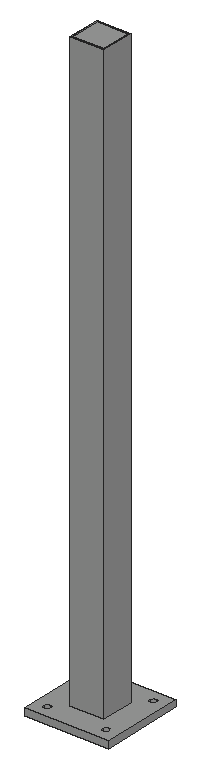
Revit family "ALTERNATING_ALUMINUM_PLANK_PANEL_POST", category Specialty Equipment, Revit 2024
Family settings
  Round Connector Dimension = Use Diameter
  Part Type = Normal
  OmniClass Number = 23.55.00.00
  OmniClass Title = Manufactured Structures
  Work Plane-Based = Yes
  Enable Cutting in Views = No
  Always vertical = No
  Cut with Voids When Loaded = No
  Maintain Annotation Orientation = No
  Shared = No
  Room Calculation Point = No
Parameters (values of type "Assembly")
  Warranty URL = "https://palmshieldlouvers.com/wp-content/uploads/2020/01/PalmSHIELD-Warranty-NO-SIGN-LINE.pdf"
  Version = "2020 - v1.0a"  # constant formula
  URL = "https://palmshieldlouvers.com/"
  Product Page URL = "https://palmshieldlouvers.com/products/mercury-eco-semi-private/"
  Product Documentation Link = "https://palmshieldlouvers.com/wp-content/uploads/2022/01/Mercury-Economic-Alternating-Semi-Private.pdf"
  Post Position [instance] = 1
  Model = "Mercury Economic - Alternating - Semi Private"  # constant formula
  Material = Metal - PalmSHIELD - Dusty Grey
  Manufacturer Phone Number = "531-329-4406 "  # constant formula
  Manufacturer Email = "mailto: info@palmshieldlouvers.com"
  Manufacturer Address = "12330 Cary Circle, La Vista, NE 68128"  # constant formula
  Manufacturer = "PalmSHIELD"  # constant formula
  Keynote = "05 10 00"
  Instruction Sheet Link = "https://palmshieldlouvers.com/wp-content/uploads/2021/09/PalmSHIELD-Mercury-Series-Post-Panel-Gate-Installation-Instructions-2.docx"
  ID [instance] = "Not Assigned"
  Height [instance] = if(Desired Overall Height < C Min Height, C Min Height, if(Desired Overall Height > C Max Height, C Max Height, Desired Overall Height))  # 6' - 0"
  Desired Overall Height [instance] = 6' - 0"
  Description = "Mercury Economic - Alternating - Semi Private - Square Post"  # constant formula
  Default Elevation = 0' - 0"
  Copyright = "Copyright ©2024 The American Fence Company and PalmSHIELD. All Rights Reserved."  # constant formula
  Component Vis [instance] = yes
  Component Name [instance] = "Mercury Economic - Alternating - Semi Private - Square Post"  # constant formula
  C Post Width = 0' - 4"  # constant formula
  C Min Height [instance] = 3' - 4"  # constant formula
  C Max Height [instance] = 6' - 0"  # constant formula
  Assembly Code = "F1020100"
Reference planes (in)
  plane 1 "Center (Front/Back)": y = 0
  plane 2: z = 0
  plane 3 "Center (Left/Right)": x = 0
  plane 4: z = 72
  plane 5: y = 2
  plane 6: y = -2
  plane 7: x = 2
  plane 8: x = -2
Lines and regions (in)
  reference lines
    curve 1: line (-24.29961, 0, 72) -> (24.70039, 0, 72)
Dimensions and locks (in)
  "Desired Overall Height": curve 1 to plane 2
  "Height": plane 4 to plane 2
  equal spacing: plane 8, plane 3 "Center (Left/Right)", plane 7
  equal spacing: plane 5, plane 1 "Center (Front/Back)", plane 6
  "C Post Width": plane 5 to plane 6
  "C Post Width": plane 8 to plane 7
  aligned and locked: plane 2 to level
Automatic sketch dimensions
  curve 1 to plane 8 = 1' - 10.29961"
  curve 1 to plane 7 = 1' - 10.70039"
Nested families (in)
  nested 1: "Screening-Louver-Assembly-Post-Palmshield-Mercury-Economic-Alternating-Semi_Private-Aluminum" at (0, 0, 0), Desired Overall Height <- "Desired Overall Height", Overall Height <- "Height", ID <- "ID", Component Vis <- "Component Vis", Post Position <- "Post Position", visible <- "Component Vis", type "Assembly"
    with Post Position 1, Overall Height 6' - 0", ID "Not Assigned", Desired Overall Height 6' - 0", Component Vis (Single) yes, Component Vis (Double) no, Component Vis yes, Component Name "Mercury Economic Alternating Semi Private - Post Assembly", C Post Offset 0' - 0"
  nested 2: "Nested-Base_Plate-Palmshield-Mercury_Economic" at (0, 0, 0), type "10" x 10" x 3/4""
    with Material Metal - PalmSHIELD - Dusty Grey, ID "Not Assigned", Component Vis yes, Component Name "Mercury Economic - Aluminum - Base Plate"
  nested 3: "Nested-Square_Post-Aluminum-Palmshield-Mercury_Economic" at (0, 0, 0.75), type "4" X 4" X 1/8" SQ. TUBE"
    with Material Metal - PalmSHIELD - Dusty Grey, Length 5' - 11 1/4", ID "Not Assigned", Component Vis yes, Component Name "Mercury Economic - Aluminum - Square Post"
  nested 4: "Nested-Top_Cap-Palmshield-Mercury_Economic" at (0, 0, 72) x (1, 0, 0) z (0, 0, -1), type "3 3/4" x 3 3/4" x 1/8""
    with Material Metal - PalmSHIELD - Dusty Grey, ID "Not Assigned", Component Vis yes, Component Name "Mercury Economic - Aluminum - Square Top Cap"
Definition of nested family "Nested-Base_Plate-Palmshield-Mercury_Economic"
  Parameters (values of type "10" x 14" x 3/4"")
    Width = if(Constraints = 1, 0' 10", 1' 2")  # 1' - 2"
    Warranty URL = "https://palmshieldlouvers.com/wp-content/uploads/2020/01/PalmSHIELD-Warranty-NO-SIGN-LINE.pdf"
    Version = "2020 - v1.0a"  # constant formula
    URL = "https://palmshieldlouvers.com/"
    Thickness = 0' - 0 3/4"  # constant formula
    Product Page URL = "Contact Manufacturer for More Information"
    Product Documentation Link = "Contact Manufacturer for More Information"
    Model = "Mercury Economic"  # constant formula
    Material [instance] = none
    Manufacturer Phone Number = "531-329-4406 "  # constant formula
    Manufacturer Fax Number = "Consult Manufacturer Website for More Information"  # constant formula
    Manufacturer Email = "mailto: info@palmshieldlouvers.com"
    Manufacturer Address = "12330 Cary Circle, La Vista, NE 68128"  # constant formula
    Manufacturer = "PalmSHIELD"  # constant formula
    Keynote = "05 10 00"
    Instruction Sheet Link = "Contact Manufacturer for More Information"
    ID [instance] = ""
    Hole Diameter = 0' - 0 3/4"  # constant formula
    Height = 0' - 10"  # constant formula
    Description = "Mercury Economic - Base Plate"  # constant formula
    Default Elevation = 4' - 0"
    Copyright = "Copyright ©2024 The American Fence Company and PalmSHIELD. All Rights Reserved."  # constant formula
    Constraints = 2
    Component Vis [instance] = yes
    Component Name [instance] = "Mercury Economic - Aluminum - Base Plate"  # constant formula
    C Hole Offset = 0' - 1 1/2"  # constant formula
    Assembly Code = "F1020100"
  Types (2): name | Width | Constraints
    10" x 10" x 3/4" | 0' - 10" | 1
    10" x 14" x 3/4" | 1' - 2" | 2
  Reference planes (in)
    plane 1 "Center (Front/Back)": y = 0
    plane 2: z = 0
    plane 3 "Center (Left/Right)": x = 0
    plane 4: y = 5
    plane 5: x = 7
    plane 6: y = -5
    plane 7: x = -7
    plane 8: z = 0.75
  Forms (in)
    Extrusion 1, solid
      sketch origin (0, 0, 0) x (1, 0, 0) y (0, 1, 0)
        loop
          line (-48, 48) -> (-48, -48) -> (48, -48) -> (48, 48) -> (-48, 48)
      from 0 to -12
    Extrusion 2, solid, material <- "Material", visible <- "Component Vis"
      sketch origin (0, 0, 0) x (1, 0, 0) y (0, 1, 0)
        loop
          line (-7, 5) -> (-7, -5) -> (7, -5) -> (7, 5) -> (-7, 5)
        loop
          circle (-5.5, 3.5) r 0.375
        loop
          circle (5.5, 3.5) r 0.375
        loop
          circle (-5.5, -3.5) r 0.375
        loop
          circle (5.5, -3.5) r 0.375
      from 0 to 0.75
  Dimensions and locks (in)
    equal spacing: plane 7, plane 3 "Center (Left/Right)", plane 5
    equal spacing: plane 4, plane 1 "Center (Front/Back)", plane 6
    "Width": plane 7 to plane 5
    "Height": plane 4 to plane 6
    "C Hole Offset": plane 7 to Extrusion 2 sketch curve  (x2)
    "C Hole Offset": Extrusion 2 sketch curve to plane 5  (x2)
    "C Hole Offset": plane 4 to Extrusion 2 sketch curve  (x2)
    "C Hole Offset": plane 6 to Extrusion 2 sketch curve  (x2)
    "Thickness": plane 8 to plane 2
    "Width": Extrusion 2 to Extrusion 2
    "Hole Diameter": diameter of Extrusion 2 sketch curve  (x4)
    aligned and locked: plane 2 to Extrusion 1
    aligned and locked: level to Extrusion 1
    aligned and locked: Extrusion 2 sketch curve to plane 4
    aligned and locked: plane 7 to Extrusion 2 sketch curve
    aligned and locked: Extrusion 2 sketch curve to plane 6
    aligned and locked: Extrusion 2 sketch curve to plane 5
    aligned and locked: plane 8 to Extrusion 2
  Automatic sketch dimensions
    Extrusion 1 sketch curve to Extrusion 1 sketch curve = 8' - 0"  (x2)
Definition of nested family "Nested-Square_Post-Aluminum-Palmshield-Mercury_Economic"
  Parameters (values of type "4" X 4" X 1/8" SQ. TUBE")
    Width = 0' - 4"  # constant formula
    Warranty URL = "https://palmshieldlouvers.com/wp-content/uploads/2020/01/PalmSHIELD-Warranty-NO-SIGN-LINE.pdf"
    Version = "2020 - v1.0a"  # constant formula
    URL = "https://palmshieldlouvers.com/"
    Thickness = 0' - 0 1/8"  # constant formula
    Product Page URL = "Contact Manufacturer for More Information"
    Product Documentation Link = "Contact Manufacturer for More Information"
    Model = "Mercury Economic"  # constant formula
    Material [instance] = none
    Manufacturer Phone Number = "531-329-4406 "  # constant formula
    Manufacturer Fax Number = "Consult Manufacturer Website for More Information"  # constant formula
    Manufacturer Email = "mailto: info@palmshieldlouvers.com"
    Manufacturer Address = "12330 Cary Circle, La Vista, NE 68128"  # constant formula
    Manufacturer = "PalmSHIELD"  # constant formula
    Length [instance] = 4' - 4.86713"
    Keynote = "05 10 00"
    Instruction Sheet Link = "Contact Manufacturer for More Information"
    ID [instance] = ""
    Description = "Mercury Economic - Post"  # constant formula
    Default Elevation = 4' - 0"
    Copyright = "Copyright ©2024 The American Fence Company and PalmSHIELD. All Rights Reserved."  # constant formula
    Component Vis [instance] = yes
    Component Name [instance] = "Mercury Economic - Aluminum - Square Post"  # constant formula
    Assembly Code = "F1020100"
  Reference planes (in)
    plane 1 "Center (Front/Back)": y = 0
    plane 2: z = 0
    plane 3 "Center (Left/Right)": x = 0
    plane 4: z = 52.86713
    plane 5: x = 2
    plane 6: x = -2
  Forms (in)
    Extrusion 1, solid
      sketch origin (0, 0, 0) x (1, 0, 0) y (0, 1, 0)
        loop
          line (-48, 48) -> (-48, -48) -> (48, -48) -> (48, 48) -> (-48, 48)
      from 0 to -12
    Sweep 2, solid, material <- "Material", visible <- "Component Vis"
      path origin (0, 0, 0) x (0, 1, 0) y (0, 0, 1)
        loop
          line (0, 0) -> (0, 52.86713)
      profile "Profile-Palmshield-Square : 4" X 4" X 1/8" SQ. TUBE" origin (0, 0, 26.43357) x (0, -1, 0) y (1, 0, 0)
        loop
          line (1.875, 1.875) -> (-1.875, 1.875) -> (-1.875, -1.875) -> (1.875, -1.875) -> (1.875, 1.875)
        loop
          line (-2, -2) -> (2, -2) -> (2, 2) -> (-2, 2) -> (-2, -2)
  Dimensions and locks (in)
    "Length": plane 4 to plane 2
    equal spacing: plane 5, plane 3 "Center (Left/Right)", plane 6
    "Width": plane 5 to plane 6
    aligned and locked: plane 2 to Extrusion 1
    aligned and locked: level to Extrusion 1
    aligned and locked: plane 1 "Center (Front/Back)" to Sweep 2 sketch curve
    aligned and locked: plane 4 to Sweep 2 sketch curve
  Automatic sketch dimensions
    Extrusion 1 sketch curve to Extrusion 1 sketch curve = 8' - 0"  (x2)
    Sweep 2 sketch curve to level = 0' - 0"
Definition of nested family "Nested-Top_Cap-Palmshield-Mercury_Economic"
  Parameters (values of type "3 3/4" x 3 3/4" x 1/8"")
    Width = 0' 4" - 2 * Thickness  # 0' - 3 3/4"
    Warranty URL = "https://palmshieldlouvers.com/wp-content/uploads/2020/01/PalmSHIELD-Warranty-NO-SIGN-LINE.pdf"
    Version = "2020 - v1.0a"  # constant formula
    URL = "https://palmshieldlouvers.com/"
    Thickness = 0' - 0 1/8"  # constant formula
    Product Page URL = "Contact Manufacturer for More Information"
    Product Documentation Link = "Contact Manufacturer for More Information"
    Model = "Mercury Economic"  # constant formula
    Material [instance] = none
    Manufacturer Phone Number = "531-329-4406 "  # constant formula
    Manufacturer Fax Number = "Consult Manufacturer Website for More Information"  # constant formula
    Manufacturer Email = "mailto: info@palmshieldlouvers.com"
    Manufacturer Address = "12330 Cary Circle, La Vista, NE 68128"  # constant formula
    Manufacturer = "PalmSHIELD"  # constant formula
    Keynote = "05 10 00"
    Instruction Sheet Link = "Contact Manufacturer for More Information"
    ID [instance] = ""
    Description = "Mercury Economic - Top Cap"  # constant formula
    Default Elevation = 4' - 0"
    Copyright = "Copyright ©2024 The American Fence Company and PalmSHIELD. All Rights Reserved."  # constant formula
    Component Vis [instance] = yes
    Component Name [instance] = "Mercury Economic - Aluminum - Square Top Cap"  # constant formula
    Assembly Code = "F1020100"
  Reference planes (in)
    plane 1 "Center (Front/Back)": y = 0
    plane 2: z = 0
    plane 3 "Center (Left/Right)": x = 0
    plane 4: y = 1.875
    plane 5: x = 1.875
    plane 6: y = -1.875
    plane 7: x = -1.875
    plane 8: z = 0.125
  Forms (in)
    Extrusion 1, solid
      sketch origin (0, 0, 0) x (1, 0, 0) y (0, 1, 0)
        loop
          line (-48, 48) -> (-48, -48) -> (48, -48) -> (48, 48) -> (-48, 48)
      from 0 to -12
    Extrusion 2, solid, material <- "Material", visible <- "Component Vis"
      sketch origin (0, 0, 0) x (1, 0, 0) y (0, 1, 0)
        loop
          line (-1.875, 1.875) -> (-1.875, -1.875) -> (1.875, -1.875) -> (1.875, 1.875) -> (-1.875, 1.875)
      from 0 to 0.125
  Dimensions and locks (in)
    equal spacing: plane 7, plane 3 "Center (Left/Right)", plane 5
    equal spacing: plane 4, plane 1 "Center (Front/Back)", plane 6
    "Width": plane 7 to plane 5
    "Width": plane 4 to plane 6
    "Thickness": plane 8 to plane 2
    aligned and locked: plane 2 to Extrusion 1
    aligned and locked: level to Extrusion 1
    aligned and locked: Extrusion 2 sketch curve to plane 4
    aligned and locked: plane 7 to Extrusion 2 sketch curve
    aligned and locked: Extrusion 2 sketch curve to plane 6
    aligned and locked: Extrusion 2 sketch curve to plane 5
    aligned and locked: plane 8 to Extrusion 2
  Automatic sketch dimensions
    Extrusion 1 sketch curve to Extrusion 1 sketch curve = 8' - 0"  (x2)
Definition of nested family "Screening-Louver-Assembly-Post-Palmshield-Mercury-Economic-Alternating-Semi_Private-Aluminum"
  Parameters (values of type "Assembly")
    Width = 0' - 4"  # constant formula
    Warranty URL = "https://palmshieldlouvers.com/wp-content/uploads/2020/01/PalmSHIELD-Warranty-NO-SIGN-LINE.pdf"
    Version = "2020 - v1.0a"  # constant formula
    URL = "https://palmshieldlouvers.com/"
    Top Cap Thickness = 0' - 0 1/8"  # constant formula
    Product Page URL = "https://palmshieldlouvers.com/products/louvers/"
    Product Documentation Link = "https://palmshieldlouvers.com/wp-content/uploads/2022/01/Mercury-Economic-Alternating-Semi-Private.pdf"
    Post Position [instance] = 3
    Overall Height [instance] = if(Desired Overall Height < 3' 0", 3' 0", if(Desired Overall Height > 12' 0", 12' 0", Desired Overall Height))  # 6' - 0"
    Model = "Mercury Economic Alternating Semi Private"  # constant formula
    Material = none
    Manufacturer Phone Number = "531-329-4406 "  # constant formula
    Manufacturer Fax Number = "Consult Manufacturer Website for More Information"  # constant formula
    Manufacturer Email = "mailto: info@palmshieldlouvers.com"
    Manufacturer Address = "12330 Cary Circle, La Vista, NE 68128"  # constant formula
    Manufacturer = "PalmSHIELD"  # constant formula
    Keynote = "05 10 00"
    Instruction Sheet Link = "https://palmshieldlouvers.com/wp-content/uploads/2021/09/PalmSHIELD-Mercury-Series-Post-Panel-Gate-Installation-Instructions-2.docx"
    ID [instance] = "Not Assigned"
    Desired Overall Height [instance] = 6' - 0"
    Description = "Mercury Economic Alternating Semi Private - Post Assembly"  # constant formula
    Default Elevation = 4' - 0"
    Copyright = "Copyright ©2024 The American Fence Company and PalmSHIELD. All Rights Reserved."  # constant formula
    Component Vis (Single) [instance] = and(Component Vis, or(Post Position = 1, Post Position = 3))  # yes
    Component Vis (Double) [instance] = and(Component Vis, Post Position = 2)  # no
    Component Vis [instance] = yes
    Component Name [instance] = "Mercury Economic Alternating Semi Private - Post Assembly"  # constant formula
    C Post Offset [instance] = if(Post Position = 3, 0' 2 1/2", 0' 0")  # 0' - 2 1/2"
    C Panel Offset from Ground = 0' - 2"  # constant formula
    Base Plate Thickness = 0' - 0 3/4"  # constant formula
    Assembly Code = "F1020100"
  Reference planes (in)
    plane 1 "Center (Front/Back)": y = 0
    plane 2: z = 0
    plane 3 "Center (Left/Right)": x = 0
    plane 4: x = 2
    plane 5: x = -2
    plane 6: z = 72
    plane 7: z = 2
  Forms (in)
    Extrusion 1, solid
      sketch origin (0, 0, 0) x (1, 0, 0) y (0, 1, 0)
        loop
          line (-48, 48) -> (-48, -48) -> (48, -48) -> (48, 48) -> (-48, 48)
      from 0 to -12
  Lines and regions (in)
    reference lines
      curve 1: line (-64.16684, 0, 72) -> (79.83316, 0, 72)
  Dimensions and locks (in)
    equal spacing: plane 4, plane 3 "Center (Left/Right)", plane 5
    "Width": plane 4 to plane 5
    "C Panel Offset from Ground": plane 7 to plane 2
    "C Post Offset": plane 3 "Center (Left/Right)" to nested 2
    "C Post Offset": plane 3 "Center (Left/Right)" to nested 3
    "Desired Overall Height": curve 1 to plane 2
    "Overall Height": plane 6 to plane 2
    aligned and locked: plane 2 to Extrusion 1
    aligned and locked: level to Extrusion 1
    aligned and locked: plane 1 "Center (Front/Back)" to nested 1
    aligned and locked: plane 1 "Center (Front/Back)" to nested 3
    aligned and locked: plane 6 to nested 2
    aligned and locked: plane 1 "Center (Front/Back)" to nested 4
    aligned and locked: plane 6 to nested 5
    aligned and locked: plane 6 to nested 6
    aligned and locked: plane 3 "Center (Left/Right)" to nested 5
    aligned and locked: nested 6 to plane 3 "Center (Left/Right)"
    aligned and locked: nested 7 to nested 5
    aligned and locked: plane 4 to nested 8
    aligned and locked: plane 3 "Center (Left/Right)" to nested 4
    aligned and locked: plane 3 "Center (Left/Right)" to nested 1
  Automatic sketch dimensions
    Extrusion 1 sketch curve to Extrusion 1 sketch curve = 8' - 0"  (x2)
    curve 1 to plane 5 = 5' - 2.16684"
    plane 4 to curve 1 = 6' - 5.83316"
  Nested families (in)
    nested 1: "Nested-Base_Plate-Palmshield-Mercury_Economic" at (0, 0, 0), ID <- "ID", Material <- "Material", visible <- "Component Vis (Single)", Component Vis <- "Component Vis (Single)", type "10" x 10" x 3/4""
      with Material none, ID "Not Assigned", Component Vis yes, Component Name "Mercury Economic - Aluminum - Base Plate"
    nested 2: "Nested-Square_Post-Aluminum-Palmshield-Mercury_Economic" at (2.5, 0, 0.75), ID <- "ID", Material <- "Material", visible <- "Component Vis (Single)", Component Vis <- "Component Vis (Single)", type "4" X 4" X 1/8" SQ. TUBE"
      with Material none, Length 5' - 11 1/4", ID "Not Assigned", Component Vis yes, Component Name "Mercury Economic - Aluminum - Square Post"
    nested 3: "Nested-Top_Cap-Palmshield-Mercury_Economic" at (2.5, 0, 72) x (1, 0, 0) z (0, 0, -1), ID <- "ID", Material <- "Material", visible <- "Component Vis (Single)", Component Vis <- "Component Vis (Single)", type "3 3/4" x 3 3/4" x 1/8""
      with Material none, ID "Not Assigned", Component Vis yes, Component Name "Mercury Economic - Aluminum - Square Top Cap"
    nested 4: "Nested-Base_Plate-Palmshield-Mercury_Economic" at (0, 0, 0), ID <- "ID", Material <- "Material", visible <- "Component Vis (Double)", Component Vis <- "Component Vis (Double)", type "10" x 14" x 3/4""
      with Material none, ID "Not Assigned", Component Vis no, Component Name "Mercury Economic - Aluminum - Base Plate"
    nested 5: "Nested-Square_Post-Aluminum-Palmshield-Mercury_Economic" at (-2, 0, 0.75), ID <- "ID", Material <- "Material", visible <- "Component Vis (Double)", Component Vis <- "Component Vis (Double)", type "4" X 4" X 1/8" SQ. TUBE"
      with Material none, Length 5' - 11 1/4", ID "Not Assigned", Component Vis no, Component Name "Mercury Economic - Aluminum - Square Post"
    nested 6: "Nested-Square_Post-Aluminum-Palmshield-Mercury_Economic" at (2, 0, 0.75), ID <- "ID", Material <- "Material", visible <- "Component Vis (Double)", Component Vis <- "Component Vis (Double)", type "4" X 4" X 1/8" SQ. TUBE"
      with Material none, Length 5' - 11 1/4", ID "Not Assigned", Component Vis no, Component Name "Mercury Economic - Aluminum - Square Post"
    nested 7: "Nested-Top_Cap-Palmshield-Mercury_Economic" at (-2, 0, 72) x (1, 0, 0) z (0, 0, -1), ID <- "ID", Material <- "Material", visible <- "Component Vis (Double)", Component Vis <- "Component Vis (Double)", type "3 3/4" x 3 3/4" x 1/8""
      with Material none, ID "Not Assigned", Component Vis no, Component Name "Mercury Economic - Aluminum - Square Top Cap"
    nested 8: "Nested-Top_Cap-Palmshield-Mercury_Economic" at (2, 0, 72) x (1, 0, 0) z (0, 0, -1), ID <- "ID", Material <- "Material", visible <- "Component Vis (Double)", Component Vis <- "Component Vis (Double)", type "3 3/4" x 3 3/4" x 1/8""
      with Material none, ID "Not Assigned", Component Vis no, Component Name "Mercury Economic - Aluminum - Square Top Cap"
  Definition of nested family "Nested-Base_Plate-Palmshield-Mercury_Economic"
    Parameters (values of type "10" x 14" x 3/4"")
      Width = if(Constraints = 1, 0' 10", 1' 2")  # 1' - 2"
      Warranty URL = "https://palmshieldlouvers.com/wp-content/uploads/2020/01/PalmSHIELD-Warranty-NO-SIGN-LINE.pdf"
      Version = "2020 - v1.0a"  # constant formula
      URL = "https://palmshieldlouvers.com/"
      Thickness = 0' - 0 3/4"  # constant formula
      Product Page URL = "Contact Manufacturer for More Information"
      Product Documentation Link = "Contact Manufacturer for More Information"
      Model = "Mercury Economic"  # constant formula
      Material [instance] = none
      Manufacturer Phone Number = "531-329-4406 "  # constant formula
      Manufacturer Fax Number = "Consult Manufacturer Website for More Information"  # constant formula
      Manufacturer Email = "mailto: info@palmshieldlouvers.com"
      Manufacturer Address = "12330 Cary Circle, La Vista, NE 68128"  # constant formula
      Manufacturer = "PalmSHIELD"  # constant formula
      Keynote = "05 10 00"
      Instruction Sheet Link = "Contact Manufacturer for More Information"
      ID [instance] = ""
      Hole Diameter = 0' - 0 3/4"  # constant formula
      Height = 0' - 10"  # constant formula
      Description = "Mercury Economic - Base Plate"  # constant formula
      Default Elevation = 4' - 0"
      Copyright = "Copyright ©2024 The American Fence Company and PalmSHIELD. All Rights Reserved."  # constant formula
      Constraints = 2
      Component Vis [instance] = yes
      Component Name [instance] = "Mercury Economic - Aluminum - Base Plate"  # constant formula
      C Hole Offset = 0' - 1 1/2"  # constant formula
      Assembly Code = "F1020100"
    Types (2): name | Width | Constraints
      10" x 10" x 3/4" | 0' - 10" | 1
      10" x 14" x 3/4" | 1' - 2" | 2
    Reference planes (in)
      plane 1 "Center (Front/Back)": y = 0
      plane 2: z = 0
      plane 3 "Center (Left/Right)": x = 0
      plane 4: y = 5
      plane 5: x = 7
      plane 6: y = -5
      plane 7: x = -7
      plane 8: z = 0.75
    Forms (in)
      Extrusion 1, solid
        sketch origin (0, 0, 0) x (1, 0, 0) y (0, 1, 0)
          loop
            line (-48, 48) -> (-48, -48) -> (48, -48) -> (48, 48) -> (-48, 48)
        from 0 to -12
      Extrusion 2, solid, material <- "Material", visible <- "Component Vis"
        sketch origin (0, 0, 0) x (1, 0, 0) y (0, 1, 0)
          loop
            line (-7, 5) -> (-7, -5) -> (7, -5) -> (7, 5) -> (-7, 5)
          loop
            circle (-5.5, 3.5) r 0.375
          loop
            circle (5.5, 3.5) r 0.375
          loop
            circle (-5.5, -3.5) r 0.375
          loop
            circle (5.5, -3.5) r 0.375
        from 0 to 0.75
    Dimensions and locks (in)
      equal spacing: plane 7, plane 3 "Center (Left/Right)", plane 5
      equal spacing: plane 4, plane 1 "Center (Front/Back)", plane 6
      "Width": plane 7 to plane 5
      "Height": plane 4 to plane 6
      "C Hole Offset": plane 7 to Extrusion 2 sketch curve  (x2)
      "C Hole Offset": Extrusion 2 sketch curve to plane 5  (x2)
      "C Hole Offset": plane 4 to Extrusion 2 sketch curve  (x2)
      "C Hole Offset": plane 6 to Extrusion 2 sketch curve  (x2)
      "Thickness": plane 8 to plane 2
      "Width": Extrusion 2 to Extrusion 2
      "Hole Diameter": diameter of Extrusion 2 sketch curve  (x4)
      aligned and locked: plane 2 to Extrusion 1
      aligned and locked: level to Extrusion 1
      aligned and locked: Extrusion 2 sketch curve to plane 4
      aligned and locked: plane 7 to Extrusion 2 sketch curve
      aligned and locked: Extrusion 2 sketch curve to plane 6
      aligned and locked: Extrusion 2 sketch curve to plane 5
      aligned and locked: plane 8 to Extrusion 2
    Automatic sketch dimensions
      Extrusion 1 sketch curve to Extrusion 1 sketch curve = 8' - 0"  (x2)
  Definition of nested family "Nested-Square_Post-Aluminum-Palmshield-Mercury_Economic"
    Parameters (values of type "4" X 4" X 1/8" SQ. TUBE")
      Width = 0' - 4"  # constant formula
      Warranty URL = "https://palmshieldlouvers.com/wp-content/uploads/2020/01/PalmSHIELD-Warranty-NO-SIGN-LINE.pdf"
      Version = "2020 - v1.0a"  # constant formula
      URL = "https://palmshieldlouvers.com/"
      Thickness = 0' - 0 1/8"  # constant formula
      Product Page URL = "Contact Manufacturer for More Information"
      Product Documentation Link = "Contact Manufacturer for More Information"
      Model = "Mercury Economic"  # constant formula
      Material [instance] = none
      Manufacturer Phone Number = "531-329-4406 "  # constant formula
      Manufacturer Fax Number = "Consult Manufacturer Website for More Information"  # constant formula
      Manufacturer Email = "mailto: info@palmshieldlouvers.com"
      Manufacturer Address = "12330 Cary Circle, La Vista, NE 68128"  # constant formula
      Manufacturer = "PalmSHIELD"  # constant formula
      Length [instance] = 4' - 4.86713"
      Keynote = "05 10 00"
      Instruction Sheet Link = "Contact Manufacturer for More Information"
      ID [instance] = ""
      Description = "Mercury Economic - Post"  # constant formula
      Default Elevation = 4' - 0"
      Copyright = "Copyright ©2024 The American Fence Company and PalmSHIELD. All Rights Reserved."  # constant formula
      Component Vis [instance] = yes
      Component Name [instance] = "Mercury Economic - Aluminum - Square Post"  # constant formula
      Assembly Code = "F1020100"
    Reference planes (in)
      plane 1 "Center (Front/Back)": y = 0
      plane 2: z = 0
      plane 3 "Center (Left/Right)": x = 0
      plane 4: z = 52.86713
      plane 5: x = 2
      plane 6: x = -2
    Forms (in)
      Extrusion 1, solid
        sketch origin (0, 0, 0) x (1, 0, 0) y (0, 1, 0)
          loop
            line (-48, 48) -> (-48, -48) -> (48, -48) -> (48, 48) -> (-48, 48)
        from 0 to -12
      Sweep 2, solid, material <- "Material", visible <- "Component Vis"
        path origin (0, 0, 0) x (0, 1, 0) y (0, 0, 1)
          loop
            line (0, 0) -> (0, 52.86713)
        profile "Profile-Palmshield-Square : 4" X 4" X 1/8" SQ. TUBE" origin (0, 0, 26.43357) x (0, -1, 0) y (1, 0, 0)
          loop
            line (1.875, 1.875) -> (-1.875, 1.875) -> (-1.875, -1.875) -> (1.875, -1.875) -> (1.875, 1.875)
          loop
            line (-2, -2) -> (2, -2) -> (2, 2) -> (-2, 2) -> (-2, -2)
    Dimensions and locks (in)
      "Length": plane 4 to plane 2
      equal spacing: plane 5, plane 3 "Center (Left/Right)", plane 6
      "Width": plane 5 to plane 6
      aligned and locked: plane 2 to Extrusion 1
      aligned and locked: level to Extrusion 1
      aligned and locked: plane 1 "Center (Front/Back)" to Sweep 2 sketch curve
      aligned and locked: plane 4 to Sweep 2 sketch curve
    Automatic sketch dimensions
      Extrusion 1 sketch curve to Extrusion 1 sketch curve = 8' - 0"  (x2)
      Sweep 2 sketch curve to level = 0' - 0"
  Definition of nested family "Nested-Top_Cap-Palmshield-Mercury_Economic"
    Parameters (values of type "3 3/4" x 3 3/4" x 1/8"")
      Width = 0' 4" - 2 * Thickness  # 0' - 3 3/4"
      Warranty URL = "https://palmshieldlouvers.com/wp-content/uploads/2020/01/PalmSHIELD-Warranty-NO-SIGN-LINE.pdf"
      Version = "2020 - v1.0a"  # constant formula
      URL = "https://palmshieldlouvers.com/"
      Thickness = 0' - 0 1/8"  # constant formula
      Product Page URL = "Contact Manufacturer for More Information"
      Product Documentation Link = "Contact Manufacturer for More Information"
      Model = "Mercury Economic"  # constant formula
      Material [instance] = none
      Manufacturer Phone Number = "531-329-4406 "  # constant formula
      Manufacturer Fax Number = "Consult Manufacturer Website for More Information"  # constant formula
      Manufacturer Email = "mailto: info@palmshieldlouvers.com"
      Manufacturer Address = "12330 Cary Circle, La Vista, NE 68128"  # constant formula
      Manufacturer = "PalmSHIELD"  # constant formula
      Keynote = "05 10 00"
      Instruction Sheet Link = "Contact Manufacturer for More Information"
      ID [instance] = ""
      Description = "Mercury Economic - Top Cap"  # constant formula
      Default Elevation = 4' - 0"
      Copyright = "Copyright ©2024 The American Fence Company and PalmSHIELD. All Rights Reserved."  # constant formula
      Component Vis [instance] = yes
      Component Name [instance] = "Mercury Economic - Aluminum - Square Top Cap"  # constant formula
      Assembly Code = "F1020100"
    Reference planes (in)
      plane 1 "Center (Front/Back)": y = 0
      plane 2: z = 0
      plane 3 "Center (Left/Right)": x = 0
      plane 4: y = 1.875
      plane 5: x = 1.875
      plane 6: y = -1.875
      plane 7: x = -1.875
      plane 8: z = 0.125
    Forms (in)
      Extrusion 1, solid
        sketch origin (0, 0, 0) x (1, 0, 0) y (0, 1, 0)
          loop
            line (-48, 48) -> (-48, -48) -> (48, -48) -> (48, 48) -> (-48, 48)
        from 0 to -12
      Extrusion 2, solid, material <- "Material", visible <- "Component Vis"
        sketch origin (0, 0, 0) x (1, 0, 0) y (0, 1, 0)
          loop
            line (-1.875, 1.875) -> (-1.875, -1.875) -> (1.875, -1.875) -> (1.875, 1.875) -> (-1.875, 1.875)
        from 0 to 0.125
    Dimensions and locks (in)
      equal spacing: plane 7, plane 3 "Center (Left/Right)", plane 5
      equal spacing: plane 4, plane 1 "Center (Front/Back)", plane 6
      "Width": plane 7 to plane 5
      "Width": plane 4 to plane 6
      "Thickness": plane 8 to plane 2
      aligned and locked: plane 2 to Extrusion 1
      aligned and locked: level to Extrusion 1
      aligned and locked: Extrusion 2 sketch curve to plane 4
      aligned and locked: plane 7 to Extrusion 2 sketch curve
      aligned and locked: Extrusion 2 sketch curve to plane 6
      aligned and locked: Extrusion 2 sketch curve to plane 5
      aligned and locked: plane 8 to Extrusion 2
    Automatic sketch dimensions
      Extrusion 1 sketch curve to Extrusion 1 sketch curve = 8' - 0"  (x2)
